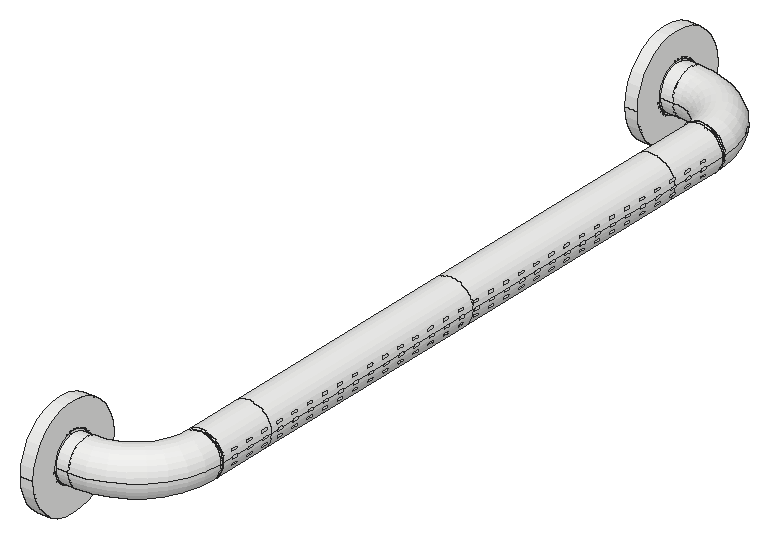
Revit family "White Handicap Grab Bar Straight Handrail_IN", category Generic Models, Revit 2017
Family settings
  Can host rebar = No
  Round Connector Dimension = Use Diameter
  Part Type = Normal
  Work Plane-Based = Yes
  Always vertical = No
  Cut with Voids When Loaded = Yes
  Shared = No
  Room Calculation Point = No
Parameters
  Website = "https://dolphy.in/"  # constant formula
  Model = "DHGB0008"  # constant formula
  Default Elevation = 1219.2 mm
  Contact number = "+91 9520202035"  # constant formula
  Contact email = "info@dolphy.in"  # constant formula
  Company name = "Dolphy India"  # constant formula
Reference planes
  plane 1 "Center (Front/Back)": y = 0
  plane 2: z = 0
  plane 3 "Center (Left/Right)": x = 0
Forms (mm)
  Sweep 1, solid, material "NYLON WHITE"
    path origin (10, 365, 39.276) x (1, 0, 0) y (0, 1, 0)
      loop
        line (60, 0) -> (60, -200) -> (60, -250)
        arc (60, -250) -> (45.355, -285.355) -> (10, -300) r 50
        line (10, -300) -> (0, -300)
    profile origin (70, 265, 39.276) x (1, 0, 0) y (0, 0, 1)
      loop
        circle (0, 0) r 17.5
  Extrusion 2, solid, material "NYLON WHITE"
    sketch origin (10, 65, 39.276) x (0, 1, 0) y (0, 0, -1)
      loop
        circle (0, 0) r 40
    from 0 to 10
  Sweep 3, solid, material "NYLON WHITE"
    path origin (10, 365, 39.276) x (-1, 0, 0) y (0, -1, 0)
      loop
        line (-60, 0) -> (-60, -200) -> (-60, -250)
        arc (-60, -250) -> (-45.355, -285.355) -> (-10, -300) r 50
        line (-10, -300) -> (0, -300)
    profile origin (70, 465, 39.276) x (-1, 0, 0) y (0, 0, 1)
      loop
        circle (0, 0) r 17.5
  Extrusion 4, solid, material "NYLON WHITE"
    sketch origin (10, 665, 39.276) x (0, -1, 0) y (0, 0, 1)
      loop
        circle (0, 0) r 40
    from 0 to 10
  Sweep 5, void
    path origin (10, 365, 39.276) x (1, 0, 0) y (0, 0, -1)
      loop
        circle (59.882, 0) r 17.671
    profile origin (69.882, 365, 56.947) x (0, 0, -1) y (0, 1, 0)
      loop
        circle (0, -248.125) r 1
  Sweep 6, void
    path origin (10, 365, 39.276) x (1, 0, 0) y (0, 0, 1)
      loop
        circle (59.882, 0) r 17.671
    profile origin (69.882, 365, 56.947) x (0, 0, 1) y (0, -1, 0)
      loop
        circle (0, -248.125) r 1
  Extrusion 7, solid, material "Nylon"
    sketch origin (10, 365, 39.12) x (0, 1, 0) y (0, 0, 1)
      loop
        arc (-238.319, 0.99) -> (-238.967, 0.117) -> (-238.319, -0.756) r 0.912
        line (-238.319, -0.756) -> (-234.974, -0.756)
        arc (-234.974, -0.756) -> (-234.322, 0.117) -> (-234.974, 0.99) r 0.911
        line (-234.974, 0.99) -> (-238.319, 0.99)
    from 76.412 to 77.756
  Extrusion 8, solid, material "Nylon"
    sketch origin (10, 365, 34.12) x (0, 1, 0) y (0, 0, 1)
      loop
        arc (-238.319, 0.99) -> (-238.967, 0.117) -> (-238.319, -0.756) r 0.912
        line (-238.319, -0.756) -> (-234.974, -0.756)
        arc (-234.974, -0.756) -> (-234.322, 0.117) -> (-234.974, 0.99) r 0.911
        line (-234.974, 0.99) -> (-238.319, 0.99)
    from 75.418 to 77
  Extrusion 9, solid, material "Nylon"
    sketch origin (10, 365, 44.12) x (0, 1, 0) y (0, 0, 1)
      loop
        arc (-238.319, 0.99) -> (-238.967, 0.117) -> (-238.319, -0.756) r 0.912
        line (-238.319, -0.756) -> (-234.974, -0.756)
        arc (-234.974, -0.756) -> (-234.322, 0.117) -> (-234.974, 0.99) r 0.911
        line (-234.974, 0.99) -> (-238.319, 0.99)
    from 75.418 to 77
  Extrusion 10, solid, material "Nylon"
    sketch origin (10, 380, 44.12) x (0, 1, 0) y (0, 0, 1)
      loop
        arc (-238.319, 0.99) -> (-238.967, 0.117) -> (-238.319, -0.756) r 0.912
        line (-238.319, -0.756) -> (-234.974, -0.756)
        arc (-234.974, -0.756) -> (-234.322, 0.117) -> (-234.974, 0.99) r 0.911
        line (-234.974, 0.99) -> (-238.319, 0.99)
    from 75.418 to 77
  Extrusion 11, solid, material "Nylon"
    sketch origin (10, 395, 44.12) x (0, 1, 0) y (0, 0, 1)
      loop
        arc (-238.319, 0.99) -> (-238.967, 0.117) -> (-238.319, -0.756) r 0.912
        line (-238.319, -0.756) -> (-234.974, -0.756)
        arc (-234.974, -0.756) -> (-234.322, 0.117) -> (-234.974, 0.99) r 0.911
        line (-234.974, 0.99) -> (-238.319, 0.99)
    from 75.418 to 77
  Extrusion 12, solid, material "Nylon"
    sketch origin (10, 410, 44.12) x (0, 1, 0) y (0, 0, 1)
      loop
        arc (-238.319, 0.99) -> (-238.967, 0.117) -> (-238.319, -0.756) r 0.912
        line (-238.319, -0.756) -> (-234.974, -0.756)
        arc (-234.974, -0.756) -> (-234.322, 0.117) -> (-234.974, 0.99) r 0.911
        line (-234.974, 0.99) -> (-238.319, 0.99)
    from 75.418 to 77
  Extrusion 13, solid, material "Nylon"
    sketch origin (10, 425, 44.12) x (0, 1, 0) y (0, 0, 1)
      loop
        arc (-238.319, 0.99) -> (-238.967, 0.117) -> (-238.319, -0.756) r 0.912
        line (-238.319, -0.756) -> (-234.974, -0.756)
        arc (-234.974, -0.756) -> (-234.322, 0.117) -> (-234.974, 0.99) r 0.911
        line (-234.974, 0.99) -> (-238.319, 0.99)
    from 75.418 to 77
  Extrusion 14, solid, material "Nylon"
    sketch origin (10, 440, 44.12) x (0, 1, 0) y (0, 0, 1)
      loop
        arc (-238.319, 0.99) -> (-238.967, 0.117) -> (-238.319, -0.756) r 0.912
        line (-238.319, -0.756) -> (-234.974, -0.756)
        arc (-234.974, -0.756) -> (-234.322, 0.117) -> (-234.974, 0.99) r 0.911
        line (-234.974, 0.99) -> (-238.319, 0.99)
    from 75.418 to 77
  Extrusion 15, solid, material "Nylon"
    sketch origin (10, 455, 44.12) x (0, 1, 0) y (0, 0, 1)
      loop
        arc (-238.319, 0.99) -> (-238.967, 0.117) -> (-238.319, -0.756) r 0.912
        line (-238.319, -0.756) -> (-234.974, -0.756)
        arc (-234.974, -0.756) -> (-234.322, 0.117) -> (-234.974, 0.99) r 0.911
        line (-234.974, 0.99) -> (-238.319, 0.99)
    from 75.418 to 77
  Extrusion 16, solid, material "Nylon"
    sketch origin (10, 470, 44.12) x (0, 1, 0) y (0, 0, 1)
      loop
        arc (-238.319, 0.99) -> (-238.967, 0.117) -> (-238.319, -0.756) r 0.912
        line (-238.319, -0.756) -> (-234.974, -0.756)
        arc (-234.974, -0.756) -> (-234.322, 0.117) -> (-234.974, 0.99) r 0.911
        line (-234.974, 0.99) -> (-238.319, 0.99)
    from 75.418 to 77
  Extrusion 17, solid, material "Nylon"
    sketch origin (10, 485, 44.12) x (0, 1, 0) y (0, 0, 1)
      loop
        arc (-238.319, 0.99) -> (-238.967, 0.117) -> (-238.319, -0.756) r 0.912
        line (-238.319, -0.756) -> (-234.974, -0.756)
        arc (-234.974, -0.756) -> (-234.322, 0.117) -> (-234.974, 0.99) r 0.911
        line (-234.974, 0.99) -> (-238.319, 0.99)
    from 75.418 to 77
  Extrusion 18, solid, material "Nylon"
    sketch origin (10, 500, 44.12) x (0, 1, 0) y (0, 0, 1)
      loop
        arc (-238.319, 0.99) -> (-238.967, 0.117) -> (-238.319, -0.756) r 0.912
        line (-238.319, -0.756) -> (-234.974, -0.756)
        arc (-234.974, -0.756) -> (-234.322, 0.117) -> (-234.974, 0.99) r 0.911
        line (-234.974, 0.99) -> (-238.319, 0.99)
    from 75.418 to 77
  Extrusion 19, solid, material "Nylon"
    sketch origin (10, 515, 44.12) x (0, 1, 0) y (0, 0, 1)
      loop
        arc (-238.319, 0.99) -> (-238.967, 0.117) -> (-238.319, -0.756) r 0.912
        line (-238.319, -0.756) -> (-234.974, -0.756)
        arc (-234.974, -0.756) -> (-234.322, 0.117) -> (-234.974, 0.99) r 0.911
        line (-234.974, 0.99) -> (-238.319, 0.99)
    from 75.418 to 77
  Extrusion 20, solid, material "Nylon"
    sketch origin (10, 530, 44.12) x (0, 1, 0) y (0, 0, 1)
      loop
        arc (-238.319, 0.99) -> (-238.967, 0.117) -> (-238.319, -0.756) r 0.912
        line (-238.319, -0.756) -> (-234.974, -0.756)
        arc (-234.974, -0.756) -> (-234.322, 0.117) -> (-234.974, 0.99) r 0.911
        line (-234.974, 0.99) -> (-238.319, 0.99)
    from 75.418 to 77
  Extrusion 21, solid, material "Nylon"
    sketch origin (10, 545, 44.12) x (0, 1, 0) y (0, 0, 1)
      loop
        arc (-238.319, 0.99) -> (-238.967, 0.117) -> (-238.319, -0.756) r 0.912
        line (-238.319, -0.756) -> (-234.974, -0.756)
        arc (-234.974, -0.756) -> (-234.322, 0.117) -> (-234.974, 0.99) r 0.911
        line (-234.974, 0.99) -> (-238.319, 0.99)
    from 75.418 to 77
  Extrusion 22, solid, material "Nylon"
    sketch origin (10, 560, 44.12) x (0, 1, 0) y (0, 0, 1)
      loop
        arc (-238.319, 0.99) -> (-238.967, 0.117) -> (-238.319, -0.756) r 0.912
        line (-238.319, -0.756) -> (-234.974, -0.756)
        arc (-234.974, -0.756) -> (-234.322, 0.117) -> (-234.974, 0.99) r 0.911
        line (-234.974, 0.99) -> (-238.319, 0.99)
    from 75.418 to 77
  Extrusion 23, solid, material "Nylon"
    sketch origin (10, 575, 44.12) x (0, 1, 0) y (0, 0, 1)
      loop
        arc (-238.319, 0.99) -> (-238.967, 0.117) -> (-238.319, -0.756) r 0.912
        line (-238.319, -0.756) -> (-234.974, -0.756)
        arc (-234.974, -0.756) -> (-234.322, 0.117) -> (-234.974, 0.99) r 0.911
        line (-234.974, 0.99) -> (-238.319, 0.99)
    from 75.418 to 77
  Extrusion 24, solid, material "Nylon"
    sketch origin (10, 590, 44.12) x (0, 1, 0) y (0, 0, 1)
      loop
        arc (-238.319, 0.99) -> (-238.967, 0.117) -> (-238.319, -0.756) r 0.912
        line (-238.319, -0.756) -> (-234.974, -0.756)
        arc (-234.974, -0.756) -> (-234.322, 0.117) -> (-234.974, 0.99) r 0.911
        line (-234.974, 0.99) -> (-238.319, 0.99)
    from 75.418 to 77
  Extrusion 25, solid, material "Nylon"
    sketch origin (10, 605, 44.12) x (0, 1, 0) y (0, 0, 1)
      loop
        arc (-238.319, 0.99) -> (-238.967, 0.117) -> (-238.319, -0.756) r 0.912
        line (-238.319, -0.756) -> (-234.974, -0.756)
        arc (-234.974, -0.756) -> (-234.322, 0.117) -> (-234.974, 0.99) r 0.911
        line (-234.974, 0.99) -> (-238.319, 0.99)
    from 75.418 to 77
  Extrusion 26, solid, material "Nylon"
    sketch origin (10, 620, 44.12) x (0, 1, 0) y (0, 0, 1)
      loop
        arc (-238.319, 0.99) -> (-238.967, 0.117) -> (-238.319, -0.756) r 0.912
        line (-238.319, -0.756) -> (-234.974, -0.756)
        arc (-234.974, -0.756) -> (-234.322, 0.117) -> (-234.974, 0.99) r 0.911
        line (-234.974, 0.99) -> (-238.319, 0.99)
    from 75.418 to 77
  Extrusion 27, solid, material "Nylon"
    sketch origin (10, 635, 44.12) x (0, 1, 0) y (0, 0, 1)
      loop
        arc (-238.319, 0.99) -> (-238.967, 0.117) -> (-238.319, -0.756) r 0.912
        line (-238.319, -0.756) -> (-234.974, -0.756)
        arc (-234.974, -0.756) -> (-234.322, 0.117) -> (-234.974, 0.99) r 0.911
        line (-234.974, 0.99) -> (-238.319, 0.99)
    from 75.418 to 77
  Extrusion 28, solid, material "Nylon"
    sketch origin (10, 650, 44.12) x (0, 1, 0) y (0, 0, 1)
      loop
        arc (-238.319, 0.99) -> (-238.967, 0.117) -> (-238.319, -0.756) r 0.912
        line (-238.319, -0.756) -> (-234.974, -0.756)
        arc (-234.974, -0.756) -> (-234.322, 0.117) -> (-234.974, 0.99) r 0.911
        line (-234.974, 0.99) -> (-238.319, 0.99)
    from 75.418 to 77
  Extrusion 29, solid, material "Nylon"
    sketch origin (10, 665, 44.12) x (0, 1, 0) y (0, 0, 1)
      loop
        arc (-238.319, 0.99) -> (-238.967, 0.117) -> (-238.319, -0.756) r 0.912
        line (-238.319, -0.756) -> (-234.974, -0.756)
        arc (-234.974, -0.756) -> (-234.322, 0.117) -> (-234.974, 0.99) r 0.911
        line (-234.974, 0.99) -> (-238.319, 0.99)
    from 75.418 to 77
  Extrusion 30, solid, material "Nylon"
    sketch origin (10, 680, 44.12) x (0, 1, 0) y (0, 0, 1)
      loop
        arc (-238.319, 0.99) -> (-238.967, 0.117) -> (-238.319, -0.756) r 0.912
        line (-238.319, -0.756) -> (-234.974, -0.756)
        arc (-234.974, -0.756) -> (-234.322, 0.117) -> (-234.974, 0.99) r 0.911
        line (-234.974, 0.99) -> (-238.319, 0.99)
    from 75.418 to 77
  Extrusion 31, solid, material "Nylon"
    sketch origin (10, 695, 44.12) x (0, 1, 0) y (0, 0, 1)
      loop
        arc (-238.319, 0.99) -> (-238.967, 0.117) -> (-238.319, -0.756) r 0.912
        line (-238.319, -0.756) -> (-234.974, -0.756)
        arc (-234.974, -0.756) -> (-234.322, 0.117) -> (-234.974, 0.99) r 0.911
        line (-234.974, 0.99) -> (-238.319, 0.99)
    from 75.418 to 77
  Extrusion 32, solid, material "Nylon"
    sketch origin (10, 710, 44.12) x (0, 1, 0) y (0, 0, 1)
      loop
        arc (-238.319, 0.99) -> (-238.967, 0.117) -> (-238.319, -0.756) r 0.912
        line (-238.319, -0.756) -> (-234.974, -0.756)
        arc (-234.974, -0.756) -> (-234.322, 0.117) -> (-234.974, 0.99) r 0.911
        line (-234.974, 0.99) -> (-238.319, 0.99)
    from 75.418 to 77
  Extrusion 33, solid, material "Nylon"
    sketch origin (10, 725, 44.12) x (0, 1, 0) y (0, 0, 1)
      loop
        arc (-238.319, 0.99) -> (-238.967, 0.117) -> (-238.319, -0.756) r 0.912
        line (-238.319, -0.756) -> (-234.974, -0.756)
        arc (-234.974, -0.756) -> (-234.322, 0.117) -> (-234.974, 0.99) r 0.911
        line (-234.974, 0.99) -> (-238.319, 0.99)
    from 75.418 to 77
  Extrusion 34, solid, material "Nylon"
    sketch origin (10, 740, 44.12) x (0, 1, 0) y (0, 0, 1)
      loop
        arc (-238.319, 0.99) -> (-238.967, 0.117) -> (-238.319, -0.756) r 0.912
        line (-238.319, -0.756) -> (-234.974, -0.756)
        arc (-234.974, -0.756) -> (-234.322, 0.117) -> (-234.974, 0.99) r 0.911
        line (-234.974, 0.99) -> (-238.319, 0.99)
    from 75.418 to 77
  Extrusion 35, solid, material "Nylon"
    sketch origin (10, 755, 44.12) x (0, 1, 0) y (0, 0, 1)
      loop
        arc (-238.319, 0.99) -> (-238.967, 0.117) -> (-238.319, -0.756) r 0.912
        line (-238.319, -0.756) -> (-234.974, -0.756)
        arc (-234.974, -0.756) -> (-234.322, 0.117) -> (-234.974, 0.99) r 0.911
        line (-234.974, 0.99) -> (-238.319, 0.99)
    from 75.418 to 77
  Extrusion 36, solid, material "Nylon"
    sketch origin (10, 770, 44.12) x (0, 1, 0) y (0, 0, 1)
      loop
        arc (-238.319, 0.99) -> (-238.967, 0.117) -> (-238.319, -0.756) r 0.912
        line (-238.319, -0.756) -> (-234.974, -0.756)
        arc (-234.974, -0.756) -> (-234.322, 0.117) -> (-234.974, 0.99) r 0.911
        line (-234.974, 0.99) -> (-238.319, 0.99)
    from 75.418 to 77
  Extrusion 37, solid, material "Nylon"
    sketch origin (10, 785, 44.12) x (0, 1, 0) y (0, 0, 1)
      loop
        arc (-238.319, 0.99) -> (-238.967, 0.117) -> (-238.319, -0.756) r 0.912
        line (-238.319, -0.756) -> (-234.974, -0.756)
        arc (-234.974, -0.756) -> (-234.322, 0.117) -> (-234.974, 0.99) r 0.911
        line (-234.974, 0.99) -> (-238.319, 0.99)
    from 75.418 to 77
  Extrusion 38, solid, material "Nylon"
    sketch origin (10, 800, 44.12) x (0, 1, 0) y (0, 0, 1)
      loop
        arc (-238.319, 0.99) -> (-238.967, 0.117) -> (-238.319, -0.756) r 0.912
        line (-238.319, -0.756) -> (-234.974, -0.756)
        arc (-234.974, -0.756) -> (-234.322, 0.117) -> (-234.974, 0.99) r 0.911
        line (-234.974, 0.99) -> (-238.319, 0.99)
    from 75.418 to 77
  Extrusion 39, solid, material "Nylon"
    sketch origin (10, 815, 44.12) x (0, 1, 0) y (0, 0, 1)
      loop
        arc (-238.319, 0.99) -> (-238.967, 0.117) -> (-238.319, -0.756) r 0.912
        line (-238.319, -0.756) -> (-234.974, -0.756)
        arc (-234.974, -0.756) -> (-234.322, 0.117) -> (-234.974, 0.99) r 0.911
        line (-234.974, 0.99) -> (-238.319, 0.99)
    from 75.418 to 77
  Extrusion 40, solid, material "Nylon"
    sketch origin (10, 830, 44.12) x (0, 1, 0) y (0, 0, 1)
      loop
        arc (-238.319, 0.99) -> (-238.967, 0.117) -> (-238.319, -0.756) r 0.912
        line (-238.319, -0.756) -> (-234.974, -0.756)
        arc (-234.974, -0.756) -> (-234.322, 0.117) -> (-234.974, 0.99) r 0.911
        line (-234.974, 0.99) -> (-238.319, 0.99)
    from 75.418 to 77
  Extrusion 41, solid, material "Nylon"
    sketch origin (10, 380, 39.12) x (0, 1, 0) y (0, 0, 1)
      loop
        arc (-238.319, 0.99) -> (-238.967, 0.117) -> (-238.319, -0.756) r 0.912
        line (-238.319, -0.756) -> (-234.974, -0.756)
        arc (-234.974, -0.756) -> (-234.322, 0.117) -> (-234.974, 0.99) r 0.911
        line (-234.974, 0.99) -> (-238.319, 0.99)
    from 76.412 to 77.756
  Extrusion 42, solid, material "Nylon"
    sketch origin (10, 395, 39.12) x (0, 1, 0) y (0, 0, 1)
      loop
        arc (-238.319, 0.99) -> (-238.967, 0.117) -> (-238.319, -0.756) r 0.912
        line (-238.319, -0.756) -> (-234.974, -0.756)
        arc (-234.974, -0.756) -> (-234.322, 0.117) -> (-234.974, 0.99) r 0.911
        line (-234.974, 0.99) -> (-238.319, 0.99)
    from 76.412 to 77.756
  Extrusion 43, solid, material "Nylon"
    sketch origin (10, 410, 39.12) x (0, 1, 0) y (0, 0, 1)
      loop
        arc (-238.319, 0.99) -> (-238.967, 0.117) -> (-238.319, -0.756) r 0.912
        line (-238.319, -0.756) -> (-234.974, -0.756)
        arc (-234.974, -0.756) -> (-234.322, 0.117) -> (-234.974, 0.99) r 0.911
        line (-234.974, 0.99) -> (-238.319, 0.99)
    from 76.412 to 77.756
  Extrusion 44, solid, material "Nylon"
    sketch origin (10, 425, 39.12) x (0, 1, 0) y (0, 0, 1)
      loop
        arc (-238.319, 0.99) -> (-238.967, 0.117) -> (-238.319, -0.756) r 0.912
        line (-238.319, -0.756) -> (-234.974, -0.756)
        arc (-234.974, -0.756) -> (-234.322, 0.117) -> (-234.974, 0.99) r 0.911
        line (-234.974, 0.99) -> (-238.319, 0.99)
    from 76.412 to 77.756
  Extrusion 45, solid, material "Nylon"
    sketch origin (10, 440, 39.12) x (0, 1, 0) y (0, 0, 1)
      loop
        arc (-238.319, 0.99) -> (-238.967, 0.117) -> (-238.319, -0.756) r 0.912
        line (-238.319, -0.756) -> (-234.974, -0.756)
        arc (-234.974, -0.756) -> (-234.322, 0.117) -> (-234.974, 0.99) r 0.911
        line (-234.974, 0.99) -> (-238.319, 0.99)
    from 76.412 to 77.756
  Extrusion 46, solid, material "Nylon"
    sketch origin (10, 455, 39.12) x (0, 1, 0) y (0, 0, 1)
      loop
        arc (-238.319, 0.99) -> (-238.967, 0.117) -> (-238.319, -0.756) r 0.912
        line (-238.319, -0.756) -> (-234.974, -0.756)
        arc (-234.974, -0.756) -> (-234.322, 0.117) -> (-234.974, 0.99) r 0.911
        line (-234.974, 0.99) -> (-238.319, 0.99)
    from 76.412 to 77.756
  Extrusion 47, solid, material "Nylon"
    sketch origin (10, 470, 39.12) x (0, 1, 0) y (0, 0, 1)
      loop
        arc (-238.319, 0.99) -> (-238.967, 0.117) -> (-238.319, -0.756) r 0.912
        line (-238.319, -0.756) -> (-234.974, -0.756)
        arc (-234.974, -0.756) -> (-234.322, 0.117) -> (-234.974, 0.99) r 0.911
        line (-234.974, 0.99) -> (-238.319, 0.99)
    from 76.412 to 77.756
  Extrusion 48, solid, material "Nylon"
    sketch origin (10, 485, 39.12) x (0, 1, 0) y (0, 0, 1)
      loop
        arc (-238.319, 0.99) -> (-238.967, 0.117) -> (-238.319, -0.756) r 0.912
        line (-238.319, -0.756) -> (-234.974, -0.756)
        arc (-234.974, -0.756) -> (-234.322, 0.117) -> (-234.974, 0.99) r 0.911
        line (-234.974, 0.99) -> (-238.319, 0.99)
    from 76.412 to 77.756
  Extrusion 49, solid, material "Nylon"
    sketch origin (10, 500, 39.12) x (0, 1, 0) y (0, 0, 1)
      loop
        arc (-238.319, 0.99) -> (-238.967, 0.117) -> (-238.319, -0.756) r 0.912
        line (-238.319, -0.756) -> (-234.974, -0.756)
        arc (-234.974, -0.756) -> (-234.322, 0.117) -> (-234.974, 0.99) r 0.911
        line (-234.974, 0.99) -> (-238.319, 0.99)
    from 76.412 to 77.756
  Extrusion 50, solid, material "Nylon"
    sketch origin (10, 515, 39.12) x (0, 1, 0) y (0, 0, 1)
      loop
        arc (-238.319, 0.99) -> (-238.967, 0.117) -> (-238.319, -0.756) r 0.912
        line (-238.319, -0.756) -> (-234.974, -0.756)
        arc (-234.974, -0.756) -> (-234.322, 0.117) -> (-234.974, 0.99) r 0.911
        line (-234.974, 0.99) -> (-238.319, 0.99)
    from 76.412 to 77.756
  Extrusion 51, solid, material "Nylon"
    sketch origin (10, 530, 39.12) x (0, 1, 0) y (0, 0, 1)
      loop
        arc (-238.319, 0.99) -> (-238.967, 0.117) -> (-238.319, -0.756) r 0.912
        line (-238.319, -0.756) -> (-234.974, -0.756)
        arc (-234.974, -0.756) -> (-234.322, 0.117) -> (-234.974, 0.99) r 0.911
        line (-234.974, 0.99) -> (-238.319, 0.99)
    from 76.412 to 77.756
  Extrusion 52, solid, material "Nylon"
    sketch origin (10, 545, 39.12) x (0, 1, 0) y (0, 0, 1)
      loop
        arc (-238.319, 0.99) -> (-238.967, 0.117) -> (-238.319, -0.756) r 0.912
        line (-238.319, -0.756) -> (-234.974, -0.756)
        arc (-234.974, -0.756) -> (-234.322, 0.117) -> (-234.974, 0.99) r 0.911
        line (-234.974, 0.99) -> (-238.319, 0.99)
    from 76.412 to 77.756
  Extrusion 53, solid, material "Nylon"
    sketch origin (10, 560, 39.12) x (0, 1, 0) y (0, 0, 1)
      loop
        arc (-238.319, 0.99) -> (-238.967, 0.117) -> (-238.319, -0.756) r 0.912
        line (-238.319, -0.756) -> (-234.974, -0.756)
        arc (-234.974, -0.756) -> (-234.322, 0.117) -> (-234.974, 0.99) r 0.911
        line (-234.974, 0.99) -> (-238.319, 0.99)
    from 76.412 to 77.756
  Extrusion 54, solid, material "Nylon"
    sketch origin (10, 575, 39.12) x (0, 1, 0) y (0, 0, 1)
      loop
        arc (-238.319, 0.99) -> (-238.967, 0.117) -> (-238.319, -0.756) r 0.912
        line (-238.319, -0.756) -> (-234.974, -0.756)
        arc (-234.974, -0.756) -> (-234.322, 0.117) -> (-234.974, 0.99) r 0.911
        line (-234.974, 0.99) -> (-238.319, 0.99)
    from 76.412 to 77.756
  Extrusion 55, solid, material "Nylon"
    sketch origin (10, 590, 39.12) x (0, 1, 0) y (0, 0, 1)
      loop
        arc (-238.319, 0.99) -> (-238.967, 0.117) -> (-238.319, -0.756) r 0.912
        line (-238.319, -0.756) -> (-234.974, -0.756)
        arc (-234.974, -0.756) -> (-234.322, 0.117) -> (-234.974, 0.99) r 0.911
        line (-234.974, 0.99) -> (-238.319, 0.99)
    from 76.412 to 77.756
  Extrusion 56, solid, material "Nylon"
    sketch origin (10, 605, 39.12) x (0, 1, 0) y (0, 0, 1)
      loop
        arc (-238.319, 0.99) -> (-238.967, 0.117) -> (-238.319, -0.756) r 0.912
        line (-238.319, -0.756) -> (-234.974, -0.756)
        arc (-234.974, -0.756) -> (-234.322, 0.117) -> (-234.974, 0.99) r 0.911
        line (-234.974, 0.99) -> (-238.319, 0.99)
    from 76.412 to 77.756
  Extrusion 57, solid, material "Nylon"
    sketch origin (10, 620, 39.12) x (0, 1, 0) y (0, 0, 1)
      loop
        arc (-238.319, 0.99) -> (-238.967, 0.117) -> (-238.319, -0.756) r 0.912
        line (-238.319, -0.756) -> (-234.974, -0.756)
        arc (-234.974, -0.756) -> (-234.322, 0.117) -> (-234.974, 0.99) r 0.911
        line (-234.974, 0.99) -> (-238.319, 0.99)
    from 76.412 to 77.756
  Extrusion 58, solid, material "Nylon"
    sketch origin (10, 635, 39.12) x (0, 1, 0) y (0, 0, 1)
      loop
        arc (-238.319, 0.99) -> (-238.967, 0.117) -> (-238.319, -0.756) r 0.912
        line (-238.319, -0.756) -> (-234.974, -0.756)
        arc (-234.974, -0.756) -> (-234.322, 0.117) -> (-234.974, 0.99) r 0.911
        line (-234.974, 0.99) -> (-238.319, 0.99)
    from 76.412 to 77.756
  Extrusion 59, solid, material "Nylon"
    sketch origin (10, 650, 39.12) x (0, 1, 0) y (0, 0, 1)
      loop
        arc (-238.319, 0.99) -> (-238.967, 0.117) -> (-238.319, -0.756) r 0.912
        line (-238.319, -0.756) -> (-234.974, -0.756)
        arc (-234.974, -0.756) -> (-234.322, 0.117) -> (-234.974, 0.99) r 0.911
        line (-234.974, 0.99) -> (-238.319, 0.99)
    from 76.412 to 77.756
  Extrusion 60, solid, material "Nylon"
    sketch origin (10, 665, 39.12) x (0, 1, 0) y (0, 0, 1)
      loop
        arc (-238.319, 0.99) -> (-238.967, 0.117) -> (-238.319, -0.756) r 0.912
        line (-238.319, -0.756) -> (-234.974, -0.756)
        arc (-234.974, -0.756) -> (-234.322, 0.117) -> (-234.974, 0.99) r 0.911
        line (-234.974, 0.99) -> (-238.319, 0.99)
    from 76.412 to 77.756
  Extrusion 61, solid, material "Nylon"
    sketch origin (10, 680, 39.12) x (0, 1, 0) y (0, 0, 1)
      loop
        arc (-238.319, 0.99) -> (-238.967, 0.117) -> (-238.319, -0.756) r 0.912
        line (-238.319, -0.756) -> (-234.974, -0.756)
        arc (-234.974, -0.756) -> (-234.322, 0.117) -> (-234.974, 0.99) r 0.911
        line (-234.974, 0.99) -> (-238.319, 0.99)
    from 76.412 to 77.756
  Extrusion 62, solid, material "Nylon"
    sketch origin (10, 695, 39.12) x (0, 1, 0) y (0, 0, 1)
      loop
        arc (-238.319, 0.99) -> (-238.967, 0.117) -> (-238.319, -0.756) r 0.912
        line (-238.319, -0.756) -> (-234.974, -0.756)
        arc (-234.974, -0.756) -> (-234.322, 0.117) -> (-234.974, 0.99) r 0.911
        line (-234.974, 0.99) -> (-238.319, 0.99)
    from 76.412 to 77.756
  Extrusion 63, solid, material "Nylon"
    sketch origin (10, 710, 39.12) x (0, 1, 0) y (0, 0, 1)
      loop
        arc (-238.319, 0.99) -> (-238.967, 0.117) -> (-238.319, -0.756) r 0.912
        line (-238.319, -0.756) -> (-234.974, -0.756)
        arc (-234.974, -0.756) -> (-234.322, 0.117) -> (-234.974, 0.99) r 0.911
        line (-234.974, 0.99) -> (-238.319, 0.99)
    from 76.412 to 77.756
  Extrusion 64, solid, material "Nylon"
    sketch origin (10, 725, 39.12) x (0, 1, 0) y (0, 0, 1)
      loop
        arc (-238.319, 0.99) -> (-238.967, 0.117) -> (-238.319, -0.756) r 0.912
        line (-238.319, -0.756) -> (-234.974, -0.756)
        arc (-234.974, -0.756) -> (-234.322, 0.117) -> (-234.974, 0.99) r 0.911
        line (-234.974, 0.99) -> (-238.319, 0.99)
    from 76.412 to 77.756
  Extrusion 65, solid, material "Nylon"
    sketch origin (10, 740, 39.12) x (0, 1, 0) y (0, 0, 1)
      loop
        arc (-238.319, 0.99) -> (-238.967, 0.117) -> (-238.319, -0.756) r 0.912
        line (-238.319, -0.756) -> (-234.974, -0.756)
        arc (-234.974, -0.756) -> (-234.322, 0.117) -> (-234.974, 0.99) r 0.911
        line (-234.974, 0.99) -> (-238.319, 0.99)
    from 76.412 to 77.756
  Extrusion 66, solid, material "Nylon"
    sketch origin (10, 755, 39.12) x (0, 1, 0) y (0, 0, 1)
      loop
        arc (-238.319, 0.99) -> (-238.967, 0.117) -> (-238.319, -0.756) r 0.912
        line (-238.319, -0.756) -> (-234.974, -0.756)
        arc (-234.974, -0.756) -> (-234.322, 0.117) -> (-234.974, 0.99) r 0.911
        line (-234.974, 0.99) -> (-238.319, 0.99)
    from 76.412 to 77.756
  Extrusion 67, solid, material "Nylon"
    sketch origin (10, 770, 39.12) x (0, 1, 0) y (0, 0, 1)
      loop
        arc (-238.319, 0.99) -> (-238.967, 0.117) -> (-238.319, -0.756) r 0.912
        line (-238.319, -0.756) -> (-234.974, -0.756)
        arc (-234.974, -0.756) -> (-234.322, 0.117) -> (-234.974, 0.99) r 0.911
        line (-234.974, 0.99) -> (-238.319, 0.99)
    from 76.412 to 77.756
  Extrusion 68, solid, material "Nylon"
    sketch origin (10, 785, 39.12) x (0, 1, 0) y (0, 0, 1)
      loop
        arc (-238.319, 0.99) -> (-238.967, 0.117) -> (-238.319, -0.756) r 0.912
        line (-238.319, -0.756) -> (-234.974, -0.756)
        arc (-234.974, -0.756) -> (-234.322, 0.117) -> (-234.974, 0.99) r 0.911
        line (-234.974, 0.99) -> (-238.319, 0.99)
    from 76.412 to 77.756
  Extrusion 69, solid, material "Nylon"
    sketch origin (10, 800, 39.12) x (0, 1, 0) y (0, 0, 1)
      loop
        arc (-238.319, 0.99) -> (-238.967, 0.117) -> (-238.319, -0.756) r 0.912
        line (-238.319, -0.756) -> (-234.974, -0.756)
        arc (-234.974, -0.756) -> (-234.322, 0.117) -> (-234.974, 0.99) r 0.911
        line (-234.974, 0.99) -> (-238.319, 0.99)
    from 76.412 to 77.756
  Extrusion 70, solid, material "Nylon"
    sketch origin (10, 815, 39.12) x (0, 1, 0) y (0, 0, 1)
      loop
        arc (-238.319, 0.99) -> (-238.967, 0.117) -> (-238.319, -0.756) r 0.912
        line (-238.319, -0.756) -> (-234.974, -0.756)
        arc (-234.974, -0.756) -> (-234.322, 0.117) -> (-234.974, 0.99) r 0.911
        line (-234.974, 0.99) -> (-238.319, 0.99)
    from 76.412 to 77.756
  Extrusion 71, solid, material "Nylon"
    sketch origin (10, 830, 39.12) x (0, 1, 0) y (0, 0, 1)
      loop
        arc (-238.319, 0.99) -> (-238.967, 0.117) -> (-238.319, -0.756) r 0.912
        line (-238.319, -0.756) -> (-234.974, -0.756)
        arc (-234.974, -0.756) -> (-234.322, 0.117) -> (-234.974, 0.99) r 0.911
        line (-234.974, 0.99) -> (-238.319, 0.99)
    from 76.412 to 77.756
  Extrusion 72, solid, material "Nylon"
    sketch origin (10, 380, 34.12) x (0, 1, 0) y (0, 0, 1)
      loop
        arc (-238.319, 0.99) -> (-238.967, 0.117) -> (-238.319, -0.756) r 0.912
        line (-238.319, -0.756) -> (-234.974, -0.756)
        arc (-234.974, -0.756) -> (-234.322, 0.117) -> (-234.974, 0.99) r 0.911
        line (-234.974, 0.99) -> (-238.319, 0.99)
    from 75.418 to 77
  Extrusion 73, solid, material "Nylon"
    sketch origin (10, 395, 34.12) x (0, 1, 0) y (0, 0, 1)
      loop
        arc (-238.319, 0.99) -> (-238.967, 0.117) -> (-238.319, -0.756) r 0.912
        line (-238.319, -0.756) -> (-234.974, -0.756)
        arc (-234.974, -0.756) -> (-234.322, 0.117) -> (-234.974, 0.99) r 0.911
        line (-234.974, 0.99) -> (-238.319, 0.99)
    from 75.418 to 77
  Extrusion 74, solid, material "Nylon"
    sketch origin (10, 410, 34.12) x (0, 1, 0) y (0, 0, 1)
      loop
        arc (-238.319, 0.99) -> (-238.967, 0.117) -> (-238.319, -0.756) r 0.912
        line (-238.319, -0.756) -> (-234.974, -0.756)
        arc (-234.974, -0.756) -> (-234.322, 0.117) -> (-234.974, 0.99) r 0.911
        line (-234.974, 0.99) -> (-238.319, 0.99)
    from 75.418 to 77
  Extrusion 75, solid, material "Nylon"
    sketch origin (10, 425, 34.12) x (0, 1, 0) y (0, 0, 1)
      loop
        arc (-238.319, 0.99) -> (-238.967, 0.117) -> (-238.319, -0.756) r 0.912
        line (-238.319, -0.756) -> (-234.974, -0.756)
        arc (-234.974, -0.756) -> (-234.322, 0.117) -> (-234.974, 0.99) r 0.911
        line (-234.974, 0.99) -> (-238.319, 0.99)
    from 75.418 to 77
  Extrusion 76, solid, material "Nylon"
    sketch origin (10, 440, 34.12) x (0, 1, 0) y (0, 0, 1)
      loop
        arc (-238.319, 0.99) -> (-238.967, 0.117) -> (-238.319, -0.756) r 0.912
        line (-238.319, -0.756) -> (-234.974, -0.756)
        arc (-234.974, -0.756) -> (-234.322, 0.117) -> (-234.974, 0.99) r 0.911
        line (-234.974, 0.99) -> (-238.319, 0.99)
    from 75.418 to 77
  Extrusion 77, solid, material "Nylon"
    sketch origin (10, 455, 34.12) x (0, 1, 0) y (0, 0, 1)
      loop
        arc (-238.319, 0.99) -> (-238.967, 0.117) -> (-238.319, -0.756) r 0.912
        line (-238.319, -0.756) -> (-234.974, -0.756)
        arc (-234.974, -0.756) -> (-234.322, 0.117) -> (-234.974, 0.99) r 0.911
        line (-234.974, 0.99) -> (-238.319, 0.99)
    from 75.418 to 77
  Extrusion 78, solid, material "Nylon"
    sketch origin (10, 470, 34.12) x (0, 1, 0) y (0, 0, 1)
      loop
        arc (-238.319, 0.99) -> (-238.967, 0.117) -> (-238.319, -0.756) r 0.912
        line (-238.319, -0.756) -> (-234.974, -0.756)
        arc (-234.974, -0.756) -> (-234.322, 0.117) -> (-234.974, 0.99) r 0.911
        line (-234.974, 0.99) -> (-238.319, 0.99)
    from 75.418 to 77
  Extrusion 79, solid, material "Nylon"
    sketch origin (10, 485, 34.12) x (0, 1, 0) y (0, 0, 1)
      loop
        arc (-238.319, 0.99) -> (-238.967, 0.117) -> (-238.319, -0.756) r 0.912
        line (-238.319, -0.756) -> (-234.974, -0.756)
        arc (-234.974, -0.756) -> (-234.322, 0.117) -> (-234.974, 0.99) r 0.911
        line (-234.974, 0.99) -> (-238.319, 0.99)
    from 75.418 to 77
  Extrusion 80, solid, material "Nylon"
    sketch origin (10, 500, 34.12) x (0, 1, 0) y (0, 0, 1)
      loop
        arc (-238.319, 0.99) -> (-238.967, 0.117) -> (-238.319, -0.756) r 0.912
        line (-238.319, -0.756) -> (-234.974, -0.756)
        arc (-234.974, -0.756) -> (-234.322, 0.117) -> (-234.974, 0.99) r 0.911
        line (-234.974, 0.99) -> (-238.319, 0.99)
    from 75.418 to 77
  Extrusion 81, solid, material "Nylon"
    sketch origin (10, 515, 34.12) x (0, 1, 0) y (0, 0, 1)
      loop
        arc (-238.319, 0.99) -> (-238.967, 0.117) -> (-238.319, -0.756) r 0.912
        line (-238.319, -0.756) -> (-234.974, -0.756)
        arc (-234.974, -0.756) -> (-234.322, 0.117) -> (-234.974, 0.99) r 0.911
        line (-234.974, 0.99) -> (-238.319, 0.99)
    from 75.418 to 77
  Extrusion 82, solid, material "Nylon"
    sketch origin (10, 530, 34.12) x (0, 1, 0) y (0, 0, 1)
      loop
        arc (-238.319, 0.99) -> (-238.967, 0.117) -> (-238.319, -0.756) r 0.912
        line (-238.319, -0.756) -> (-234.974, -0.756)
        arc (-234.974, -0.756) -> (-234.322, 0.117) -> (-234.974, 0.99) r 0.911
        line (-234.974, 0.99) -> (-238.319, 0.99)
    from 75.418 to 77
  Extrusion 83, solid, material "Nylon"
    sketch origin (10, 545, 34.12) x (0, 1, 0) y (0, 0, 1)
      loop
        arc (-238.319, 0.99) -> (-238.967, 0.117) -> (-238.319, -0.756) r 0.912
        line (-238.319, -0.756) -> (-234.974, -0.756)
        arc (-234.974, -0.756) -> (-234.322, 0.117) -> (-234.974, 0.99) r 0.911
        line (-234.974, 0.99) -> (-238.319, 0.99)
    from 75.418 to 77
  Extrusion 84, solid, material "Nylon"
    sketch origin (10, 560, 34.12) x (0, 1, 0) y (0, 0, 1)
      loop
        arc (-238.319, 0.99) -> (-238.967, 0.117) -> (-238.319, -0.756) r 0.912
        line (-238.319, -0.756) -> (-234.974, -0.756)
        arc (-234.974, -0.756) -> (-234.322, 0.117) -> (-234.974, 0.99) r 0.911
        line (-234.974, 0.99) -> (-238.319, 0.99)
    from 75.418 to 77
  Extrusion 85, solid, material "Nylon"
    sketch origin (10, 575, 34.12) x (0, 1, 0) y (0, 0, 1)
      loop
        arc (-238.319, 0.99) -> (-238.967, 0.117) -> (-238.319, -0.756) r 0.912
        line (-238.319, -0.756) -> (-234.974, -0.756)
        arc (-234.974, -0.756) -> (-234.322, 0.117) -> (-234.974, 0.99) r 0.911
        line (-234.974, 0.99) -> (-238.319, 0.99)
    from 75.418 to 77
  Extrusion 86, solid, material "Nylon"
    sketch origin (10, 590, 34.12) x (0, 1, 0) y (0, 0, 1)
      loop
        arc (-238.319, 0.99) -> (-238.967, 0.117) -> (-238.319, -0.756) r 0.912
        line (-238.319, -0.756) -> (-234.974, -0.756)
        arc (-234.974, -0.756) -> (-234.322, 0.117) -> (-234.974, 0.99) r 0.911
        line (-234.974, 0.99) -> (-238.319, 0.99)
    from 75.418 to 77
  Extrusion 87, solid, material "Nylon"
    sketch origin (10, 605, 34.12) x (0, 1, 0) y (0, 0, 1)
      loop
        arc (-238.319, 0.99) -> (-238.967, 0.117) -> (-238.319, -0.756) r 0.912
        line (-238.319, -0.756) -> (-234.974, -0.756)
        arc (-234.974, -0.756) -> (-234.322, 0.117) -> (-234.974, 0.99) r 0.911
        line (-234.974, 0.99) -> (-238.319, 0.99)
    from 75.418 to 77
  Extrusion 88, solid, material "Nylon"
    sketch origin (10, 620, 34.12) x (0, 1, 0) y (0, 0, 1)
      loop
        arc (-238.319, 0.99) -> (-238.967, 0.117) -> (-238.319, -0.756) r 0.912
        line (-238.319, -0.756) -> (-234.974, -0.756)
        arc (-234.974, -0.756) -> (-234.322, 0.117) -> (-234.974, 0.99) r 0.911
        line (-234.974, 0.99) -> (-238.319, 0.99)
    from 75.418 to 77
  Extrusion 89, solid, material "Nylon"
    sketch origin (10, 635, 34.12) x (0, 1, 0) y (0, 0, 1)
      loop
        arc (-238.319, 0.99) -> (-238.967, 0.117) -> (-238.319, -0.756) r 0.912
        line (-238.319, -0.756) -> (-234.974, -0.756)
        arc (-234.974, -0.756) -> (-234.322, 0.117) -> (-234.974, 0.99) r 0.911
        line (-234.974, 0.99) -> (-238.319, 0.99)
    from 75.418 to 77
  Extrusion 90, solid, material "Nylon"
    sketch origin (10, 650, 34.12) x (0, 1, 0) y (0, 0, 1)
      loop
        arc (-238.319, 0.99) -> (-238.967, 0.117) -> (-238.319, -0.756) r 0.912
        line (-238.319, -0.756) -> (-234.974, -0.756)
        arc (-234.974, -0.756) -> (-234.322, 0.117) -> (-234.974, 0.99) r 0.911
        line (-234.974, 0.99) -> (-238.319, 0.99)
    from 75.418 to 77
  Extrusion 91, solid, material "Nylon"
    sketch origin (10, 665, 34.12) x (0, 1, 0) y (0, 0, 1)
      loop
        arc (-238.319, 0.99) -> (-238.967, 0.117) -> (-238.319, -0.756) r 0.912
        line (-238.319, -0.756) -> (-234.974, -0.756)
        arc (-234.974, -0.756) -> (-234.322, 0.117) -> (-234.974, 0.99) r 0.911
        line (-234.974, 0.99) -> (-238.319, 0.99)
    from 75.418 to 77
  Extrusion 92, solid, material "Nylon"
    sketch origin (10, 680, 34.12) x (0, 1, 0) y (0, 0, 1)
      loop
        arc (-238.319, 0.99) -> (-238.967, 0.117) -> (-238.319, -0.756) r 0.912
        line (-238.319, -0.756) -> (-234.974, -0.756)
        arc (-234.974, -0.756) -> (-234.322, 0.117) -> (-234.974, 0.99) r 0.911
        line (-234.974, 0.99) -> (-238.319, 0.99)
    from 75.418 to 77
  Extrusion 93, solid, material "Nylon"
    sketch origin (10, 695, 34.12) x (0, 1, 0) y (0, 0, 1)
      loop
        arc (-238.319, 0.99) -> (-238.967, 0.117) -> (-238.319, -0.756) r 0.912
        line (-238.319, -0.756) -> (-234.974, -0.756)
        arc (-234.974, -0.756) -> (-234.322, 0.117) -> (-234.974, 0.99) r 0.911
        line (-234.974, 0.99) -> (-238.319, 0.99)
    from 75.418 to 77
  Extrusion 94, solid, material "Nylon"
    sketch origin (10, 710, 34.12) x (0, 1, 0) y (0, 0, 1)
      loop
        arc (-238.319, 0.99) -> (-238.967, 0.117) -> (-238.319, -0.756) r 0.912
        line (-238.319, -0.756) -> (-234.974, -0.756)
        arc (-234.974, -0.756) -> (-234.322, 0.117) -> (-234.974, 0.99) r 0.911
        line (-234.974, 0.99) -> (-238.319, 0.99)
    from 75.418 to 77
  Extrusion 95, solid, material "Nylon"
    sketch origin (10, 725, 34.12) x (0, 1, 0) y (0, 0, 1)
      loop
        arc (-238.319, 0.99) -> (-238.967, 0.117) -> (-238.319, -0.756) r 0.912
        line (-238.319, -0.756) -> (-234.974, -0.756)
        arc (-234.974, -0.756) -> (-234.322, 0.117) -> (-234.974, 0.99) r 0.911
        line (-234.974, 0.99) -> (-238.319, 0.99)
    from 75.418 to 77
  Extrusion 96, solid, material "Nylon"
    sketch origin (10, 740, 34.12) x (0, 1, 0) y (0, 0, 1)
      loop
        arc (-238.319, 0.99) -> (-238.967, 0.117) -> (-238.319, -0.756) r 0.912
        line (-238.319, -0.756) -> (-234.974, -0.756)
        arc (-234.974, -0.756) -> (-234.322, 0.117) -> (-234.974, 0.99) r 0.911
        line (-234.974, 0.99) -> (-238.319, 0.99)
    from 75.418 to 77
  Extrusion 97, solid, material "Nylon"
    sketch origin (10, 755, 34.12) x (0, 1, 0) y (0, 0, 1)
      loop
        arc (-238.319, 0.99) -> (-238.967, 0.117) -> (-238.319, -0.756) r 0.912
        line (-238.319, -0.756) -> (-234.974, -0.756)
        arc (-234.974, -0.756) -> (-234.322, 0.117) -> (-234.974, 0.99) r 0.911
        line (-234.974, 0.99) -> (-238.319, 0.99)
    from 75.418 to 77
  Extrusion 98, solid, material "Nylon"
    sketch origin (10, 770, 34.12) x (0, 1, 0) y (0, 0, 1)
      loop
        arc (-238.319, 0.99) -> (-238.967, 0.117) -> (-238.319, -0.756) r 0.912
        line (-238.319, -0.756) -> (-234.974, -0.756)
        arc (-234.974, -0.756) -> (-234.322, 0.117) -> (-234.974, 0.99) r 0.911
        line (-234.974, 0.99) -> (-238.319, 0.99)
    from 75.418 to 77
  Extrusion 99, solid, material "Nylon"
    sketch origin (10, 785, 34.12) x (0, 1, 0) y (0, 0, 1)
      loop
        arc (-238.319, 0.99) -> (-238.967, 0.117) -> (-238.319, -0.756) r 0.912
        line (-238.319, -0.756) -> (-234.974, -0.756)
        arc (-234.974, -0.756) -> (-234.322, 0.117) -> (-234.974, 0.99) r 0.911
        line (-234.974, 0.99) -> (-238.319, 0.99)
    from 75.418 to 77
  Extrusion 100, solid, material "Nylon"
    sketch origin (10, 800, 34.12) x (0, 1, 0) y (0, 0, 1)
      loop
        arc (-238.319, 0.99) -> (-238.967, 0.117) -> (-238.319, -0.756) r 0.912
        line (-238.319, -0.756) -> (-234.974, -0.756)
        arc (-234.974, -0.756) -> (-234.322, 0.117) -> (-234.974, 0.99) r 0.911
        line (-234.974, 0.99) -> (-238.319, 0.99)
    from 75.418 to 77
  Extrusion 101, solid, material "Nylon"
    sketch origin (10, 815, 34.12) x (0, 1, 0) y (0, 0, 1)
      loop
        arc (-238.319, 0.99) -> (-238.967, 0.117) -> (-238.319, -0.756) r 0.912
        line (-238.319, -0.756) -> (-234.974, -0.756)
        arc (-234.974, -0.756) -> (-234.322, 0.117) -> (-234.974, 0.99) r 0.911
        line (-234.974, 0.99) -> (-238.319, 0.99)
    from 75.418 to 77
  Extrusion 102, solid, material "Nylon"
    sketch origin (10, 830, 34.12) x (0, 1, 0) y (0, 0, 1)
      loop
        arc (-238.319, 0.99) -> (-238.967, 0.117) -> (-238.319, -0.756) r 0.912
        line (-238.319, -0.756) -> (-234.974, -0.756)
        arc (-234.974, -0.756) -> (-234.322, 0.117) -> (-234.974, 0.99) r 0.911
        line (-234.974, 0.99) -> (-238.319, 0.99)
    from 75.418 to 77
  Sweep 103, void
    path origin (0, 365, 39.276) x (0, 1, 0) y (0, 0, 1)
      loop
        circle (-299.94, 0) r 18.75
    profile origin (0, 65.06, 58.026) x (0, 0, -1) y (1, 0, 0)
      loop
        circle (0, 9.687) r 0.469
  Sweep 104, void
    path origin (0, 365, 39.276) x (0, -1, 0) y (0, 0, -1)
      loop
        circle (-299.94, 0) r 18.75
    profile origin (0, 664.94, 58.026) x (0, 0, 1) y (1, 0, 0)
      loop
        circle (0, 9.687) r 0.469
Cuts and joins
  Sweep 5, Sweep 6, Sweep 103 cuts Sweep 1
  Sweep 103, Sweep 104 cuts Extrusion 2
  Sweep 5, Sweep 6, Sweep 103 cuts Sweep 3
  Sweep 104 cuts Extrusion 4
  joined: Sweep 1, Extrusion 2, Sweep 3, Extrusion 4
Dimensions and locks
  aligned and locked: level to plane 2
